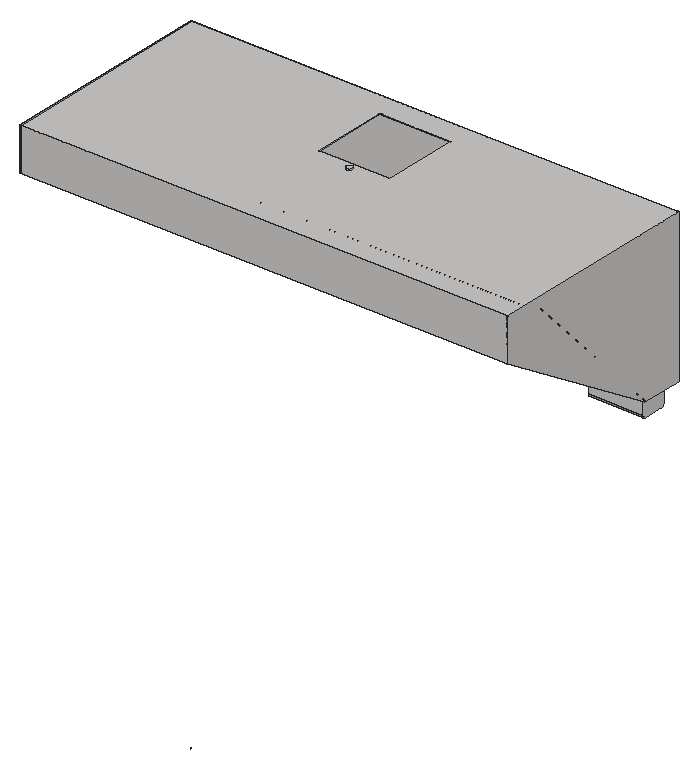
Revit family "QF_ELECTROLUXPROFESSIONAL_644200_AMPV716DT", category Attrezzature speciali, Revit 2021
Family settings
  Quota connettore circolare = Usa diametro
  Tipo di parte = Normale
  Basato su piano di lavoro = No
  Sempre verticale = Sì
  Taglio con vuoti quando caricato = No
  Condiviso = No
  Punto di calcolo locali = No
Parameters (values of type "Standard")
  Weight = 43.00 kg
  Watts = 300 W
  Volts = 220 V
  URL Manufacturer = "https://www.electroluxprofessional.com/"
  URL = "https://www.electroluxprofessional.com/"
  Steam Supply Size = 0 mm
  Steam Supply Minimum Pressure = 0.0 Pa
  Steam Supply Maximum Pressure = 0.0 Pa
  Steam Consumption per Hour = 0
  Refrigeration Suction Line Size = 0 mm
  Refrigeration Liquid Line Size = 0 mm
  Refrigerant Compressor Remote = yes
  Prospetto di default = 0 mm
  Produttore = "Electrolux Professional"
  Phase = 1
  Modello = "AMPV716DT"
  Length Actual = 1600 mm  # constant formula
  Item Number = "644200"
  Hot Water Size = 0 mm
  Height Actual = 500 mm  # constant formula
  HP = "0.4 HP"
  Gas Size = 0 mm
  Gas KW = 0
  Gas Input Pressure = 0 W
  Direct Waste Size = 0 mm
  Descrizione = "304 S/S WALL HOOD+FILTERS+FAN 1600X700MM"
  Depth Actual = 700 mm  # constant formula
  Cycle = 50 Hz
  Condensate Return Size = 0 mm
  Compressed Air Volume = 0.0 L/s
  Compressed Air Size = 0 mm
  Compressed Air Pressure = 0.0 Pa
  Cold Water Size = 0 mm
  Accessory = yes
Reference planes
  plane 1: z = 0
  plane 2 "Center (Left/Right)": x = 150
  plane 3 "LEFT": x = -650
  plane 4 "RIGHT": x = 950
  plane 5 "BACK": y = 550
  plane 6 "Plane": z = 2000
  plane 7 "TOP": z = 2140
  plane 8 "Base": z = 1640
  plane 9: z = 1566
  plane 10 "DrainY": y = 485
  plane 11: x = -647
  plane 12: through (0, 414.509, 1640.8) normal (0, 0.7314, 0.682)
  plane 13: y = 470
  plane 14: y = 220
  plane 15 "DrainX": x = 830
  plane 16: x = 33.5
  plane 17: x = 266.5
  plane 18: x = 947
  plane 19: x = 740
  plane 20: x = 920
  plane 21: x = -450
  plane 22: x = 750
  plane 23: x = -47.5
  plane 24: x = 347.5
  plane 25 "FRONT": y = -150
  plane 26 "Center (Front/Back)": y = 200
Forms (mm)
  Extrusion 1, solid, material "QF_Finishes_Stainless Steel"
    sketch origin (-650, 0, 0) x (0, 1, 0) y (0, 0, 1)
      loop
        line (550, 1640) -> (550, 2140) -> (-150, 2140) -> (-150, 1998.603) -> (413.973, 1640) -> (550, 1640)
    from 0 to 3
  Extrusion 2, solid, material "QF_Finishes_Stainless Steel"
    sketch origin (150, 0, 0) x (0, 1, 0) y (0, 0, 1)
      loop
        line (415.255, 1640) -> (550, 1640) -> (550, 2139.19) -> (549.2, 2139.19) -> (549.2, 1640.8) -> (415.876, 1640.8) -> (339.347, 1722.867) -> (349.609, 1732.436) -> (348.927, 1733.167) -> (337.934, 1722.917) -> (415.255, 1640)
      loop
        line (-82.203, 2139.19) -> (-82.203, 2118.6) -> (-31.047, 2118.6) -> (34.354, 2048.466) -> (46.028, 2059.352) -> (45.346, 2060.083) -> (34.403, 2049.879) -> (-30.612, 2119.6) -> (-81.203, 2119.6) -> (-81.203, 2139.19) -> (-82.203, 2139.19)
    from -797 to 797
  Extrusion 3, solid, material "QF_Finishes_Stainless Steel"
    sketch origin (950, 0, 0) x (0, 1, 0) y (0, 0, 1)
      loop
        line (550, 1640) -> (550, 2140) -> (-150, 2140) -> (-150, 1998.603) -> (413.973, 1640) -> (550, 1640)
    from 0 to -3
  Extrusion 4, solid, material "QF_Finishes_Stainless Steel"
    sketch origin (150, 0, 0) x (0, 1, 0) y (0, 0, 1)
      loop
        line (-150, 2140) -> (-150, 2000) -> (-149.2, 2000) -> (-149.2, 2139.19) -> (550, 2139.19) -> (550, 2140) -> (-150, 2140)
    from -800 to 800
  Extrusion 5, solid, material "QF_Finishes_Stainless Steel"
    sketch origin (150, 0, 0) x (0, 1, 0) y (0, 0, 1)
      loop
        line (534, 1640) -> (436, 1640) -> (436, 1627) -> (443.5, 1627) -> (443.5, 1576)
        arc (443.5, 1576) -> (446.429, 1568.929) -> (453.5, 1566) r 10
        line (453.5, 1566) -> (516.5, 1566)
        arc (516.5, 1566) -> (523.571, 1568.929) -> (526.5, 1576) r 10
        line (526.5, 1576) -> (526.5, 1627) -> (534, 1627) -> (534, 1640)
    from 590 to 770
  Extrusion 6, solid, material "QF_Finishes_Stainless Steel"
    sketch origin (0, 0, 1640) x (0, 1, 0) y (-1, 0, 0)
      loop
        circle (485, -830) r 20
    from -76 to -74
  Extrusion 7, solid, material "QF_Finished_Chrome"
    sketch origin (150, 0, 0) x (0, 1, 0) y (0, 0, 1)
      loop
        line (337.934, 1722.917) -> (341.591, 1726.327) -> (38.011, 2051.876) -> (34.354, 2048.466) -> (337.934, 1722.917)
    from -197.5 to -600
  Extrusion 8, solid, material "QF_Finishes_Stainless Steel"
    sketch origin (150, 0, 0) x (0, 1, 0) y (0, 0, 1)
      loop
        line (337.934, 1722.917) -> (341.591, 1726.327) -> (38.011, 2051.876) -> (34.354, 2048.466) -> (337.934, 1722.917)
    from 797 to 600
  Extrusion 9, solid, material "QF_Finished_Chrome"
    sketch origin (150, 0, 0) x (0, 1, 0) y (0, 0, 1)
      loop
        line (341.588, 1726.324) -> (38.009, 2051.874) -> (34.354, 2048.466) -> (337.934, 1722.917) -> (341.588, 1726.324)
    from 197.5 to 600
  Extrusion 10, void
    sketch origin (0, 0, 2140) x (0, 1, 0) y (-1, 0, 0)
      loop
        line (470, -266.5) -> (470, -33.5) -> (220, -33.5) -> (220, -266.5) -> (470, -266.5)
    from 0 to -10
  Extrusion 11, solid, material "QF_Finishes_Stainless Steel"
    sketch origin (0, 0, 0) x (1, 0, 0) y (0, 1, 0)
      loop
        line (-650, 550) -> (-650, 549) -> (-649, 549) -> (-649, 550) -> (-650, 550)
    from 0 to 1
  Extrusion 12, solid, material "QF_Finishes_Stainless Steel"
    sketch origin (150, 0, 0) x (0, 1, 0) y (0, 0, 1)
      loop
        line (337.934, 1722.917) -> (341.591, 1726.327) -> (38.011, 2051.876) -> (34.354, 2048.466) -> (337.934, 1722.917)
    from -600 to -797
  Extrusion 13, solid, material "QF_Finishes_Stainless Steel"
    sketch origin (150, 0, 0) x (0, 1, 0) y (0, 0, 1)
      loop
        line (337.934, 1722.917) -> (341.591, 1726.327) -> (38.011, 2051.876) -> (34.354, 2048.466) -> (337.934, 1722.917)
    from 197.5 to -197.5
  Extrusion 14, solid, material "QF_Finishes_Stainless Steel"
    sketch origin (0, 0, 2140) x (0, 1, 0) y (-1, 0, 0)
      loop
        circle (200, -150) r 10
    from 0 to 2
Cuts and joins
  Extrusion 10 cuts Extrusion 4
  joined: Extrusion 2, Extrusion 4
Lines and regions (mm)
  reference lines
    curve 1: line (150, 34.354, 2048.466) -> (150, 34.354, 1888.466)
  symbolic lines, style "SpecialityEquipment", detail levels coarse
    curve 2: line (950, 550, 2140) -> (-650, 550, 2140)
    curve 3: line (-650, 550, 2140) -> (-650, -150, 2140)
    curve 4: line (950, -150, 2140) -> (950, 550, 2140)
    curve 5: line (-650, -150, 2140) -> (950, -150, 2140)
    curve 6: line (266.5, 220, 2140) -> (33.5, 220, 2140)
    curve 7: line (266.5, 470, 2140) -> (266.5, 220, 2140)
    curve 8: line (33.5, 470, 2140) -> (266.5, 470, 2140)
    curve 9: line (33.5, 220, 2140) -> (33.5, 470, 2140)
    curve 10: line (-650, -150, 2140) -> (950, 550, 2140)
    curve 11: line (-650, 550, 2140) -> (950, -150, 2140)
Dimensions and locks
  plane 3 "LEFT" to plane 4 "RIGHT" = 1600 mm
  equal spacing: plane 3 "LEFT", plane 2 "Center (Left/Right)", plane 4 "RIGHT"
  locked: plane 6 "Plane" to level at 2000
  plane 7 "TOP" to plane 6 "Plane" = 140 mm
  locked: plane 7 "TOP" to plane 8 "Base" at 500
  plane 8 "Base" to plane 9 = 74 mm
  plane 5 "BACK" to plane 10 "DrainY" = 65 mm  (x2)
  plane 3 "LEFT" to plane 11 = 3 mm
  plane 5 "BACK" to plane 13 = 80 mm
  plane 13 to plane 14 = 250 mm  (x2)
  plane 15 "DrainX" to plane 4 "RIGHT" = 120 mm
  plane 18 to plane 4 "RIGHT" = 3 mm
  locked: plane 19 to plane 15 "DrainX" at 90
  locked: plane 15 "DrainX" to plane 20 at 90
  plane 13 to plane 5 "BACK" = 80 mm
  plane 3 "LEFT" to plane 21 = 200 mm
  plane 22 to plane 4 "RIGHT" = 200 mm
  locked: plane 23 to plane 24 at 395
  equal spacing: plane 23, plane 2 "Center (Left/Right)", plane 24
  locked: plane 16 to plane 17 at 233
  equal spacing: plane 16, plane 2 "Center (Left/Right)", plane 17
  locked: plane 5 "BACK" to plane 25 "FRONT" at 700
  equal spacing: plane 5 "BACK", plane 26 "Center (Front/Back)", plane 25 "FRONT"
  plane 5 "BACK" to plane 25 "FRONT" = 700 mm
  aligned and locked: level to plane 1
  aligned and locked: Extrusion 2 to Extrusion 1
  aligned and locked: Extrusion 2 to Extrusion 3
  aligned and locked: plane 4 "RIGHT" to Extrusion 4
  aligned and locked: Extrusion 4 to plane 3 "LEFT"
  aligned and locked: plane 18 to Extrusion 8
  aligned and locked: Extrusion 10 to plane 16
  aligned and locked: Extrusion 10 to plane 14
  aligned and locked: Extrusion 10 to plane 13
  aligned and locked: Extrusion 2 to Extrusion 4
  aligned and locked: plane 20 to Extrusion 5
  aligned and locked: Extrusion 5 to plane 19
  aligned and locked: Extrusion 8 to plane 22
  aligned and locked: Extrusion 9 to plane 22
  aligned and locked: Extrusion 7 to plane 21
  aligned and locked: Extrusion 12 to plane 11
  aligned and locked: plane 21 to Extrusion 12
  aligned and locked: Extrusion 3 to plane 18
  aligned and locked: Extrusion 10 to plane 17
  aligned and locked: plane 17 to curve 7
  aligned and locked: plane 24 to Extrusion 13
  aligned and locked: Extrusion 13 to plane 23
  aligned and locked: Extrusion 9 to plane 24
Automatic sketch dimensions
  Extrusion 1 sketch curve to plane 8 "Base" = 0 mm
  Extrusion 1 sketch curve to plane 5 "BACK" = 0 mm
  Extrusion 1 sketch curve to plane 7 "TOP" = 0 mm
  plane 13 to Extrusion 1 sketch curve = 56.027 mm
  Extrusion 1 sketch curve to plane 6 "Plane" = 1.397 mm
  Extrusion 2 sketch curve to plane 12 = 0 mm  (x3)
  Extrusion 2 sketch curve to plane 8 "Base" = 0 mm
  plane 12 to Extrusion 2 sketch curve = 0 mm
  Extrusion 2 sketch curve to plane 5 "BACK" = 0 mm
  Extrusion 2 sketch curve to Extrusion 2 sketch curve = 65.646 mm
  Extrusion 2 sketch curve to Extrusion 2 sketch curve = 0.682 mm  (x2)
  Extrusion 2 sketch curve to Extrusion 2 sketch curve = 10.261 mm
  plane 8 "Base" to Extrusion 2 sketch curve = 82.917 mm
  Extrusion 2 sketch curve to Extrusion 2 sketch curve = 10.942 mm
  Extrusion 2 sketch curve to Extrusion 2 sketch curve = 0.049 mm
  Extrusion 2 sketch curve to plane 7 "TOP" = 20.4 mm
  Extrusion 2 sketch curve to plane 7 "TOP" = 21.4 mm
  Extrusion 2 sketch curve to plane 7 "TOP" = 0.81 mm  (x2)
  Extrusion 2 sketch curve to Extrusion 2 sketch curve = 50.156 mm
  Extrusion 2 sketch curve to Extrusion 2 sketch curve = 1 mm
  plane 8 "Base" to Extrusion 2 sketch curve = 0.8 mm
  Extrusion 2 sketch curve to plane 5 "BACK" = 0.8 mm
  Extrusion 4 sketch curve to plane 6 "Plane" = 0 mm
  Extrusion 4 sketch curve to plane 5 "BACK" = 0 mm
  Extrusion 4 sketch curve to plane 7 "TOP" = 0 mm
  Extrusion 4 sketch curve to plane 7 "TOP" = 0.81 mm
  curve 1 to plane 12 = 0 mm
  curve 1 to plane 6 "Plane" = 111.534 mm
  Extrusion 5 sketch curve to plane 8 "Base" = 0 mm
  Extrusion 5 sketch curve to plane 9 = 0 mm
  Extrusion 5 sketch curve to plane 8 "Base" = 13 mm  (x2)
  plane 13 to Extrusion 5 sketch curve = 34 mm
  Extrusion 5 sketch curve to Extrusion 5 sketch curve = 7.5 mm  (x2)
  Extrusion 5 sketch curve to Extrusion 5 sketch curve = 10 mm
  plane 10 "DrainY" to Extrusion 5 sketch curve = 31.5 mm
  Extrusion 5 sketch curve to plane 5 "BACK" = 23.5 mm
  Extrusion 6 sketch curve to plane 10 "DrainY" = 0 mm
  Extrusion 6 sketch curve to plane 15 "DrainX" = 0 mm
  Extrusion 7 sketch curve to plane 12 = 0 mm  (x2)
  Extrusion 7 sketch curve to Extrusion 7 sketch curve = 3.657 mm
  plane 8 "Base" to Extrusion 7 sketch curve = 82.917 mm
  Extrusion 8 sketch curve to plane 12 = 0 mm  (x2)
  Extrusion 8 sketch curve to Extrusion 8 sketch curve = 3.657 mm
  plane 8 "Base" to Extrusion 8 sketch curve = 82.917 mm
  Extrusion 9 sketch curve to plane 12 = 0 mm  (x2)
  Extrusion 9 sketch curve to Extrusion 9 sketch curve = 3.655 mm
  plane 8 "Base" to Extrusion 9 sketch curve = 82.917 mm
  Extrusion 10 sketch curve to plane 14 = 0 mm
  plane 13 to Extrusion 10 sketch curve = 0 mm
  Extrusion 10 sketch curve to plane 17 = 0 mm
  Extrusion 10 sketch curve to plane 16 = 0 mm
  Extrusion 11 sketch curve to plane 3 "LEFT" = 0 mm
  Extrusion 11 sketch curve to plane 5 "BACK" = 0 mm
  plane 3 "LEFT" to Extrusion 11 sketch curve = 1 mm
  Extrusion 11 sketch curve to Extrusion 11 sketch curve = 1 mm
  Extrusion 12 sketch curve to plane 12 = 0 mm  (x2)
  Extrusion 12 sketch curve to Extrusion 12 sketch curve = 3.657 mm
  plane 8 "Base" to Extrusion 12 sketch curve = 82.917 mm
  Extrusion 13 sketch curve to plane 12 = 0 mm  (x2)
  Extrusion 13 sketch curve to Extrusion 13 sketch curve = 3.657 mm
  plane 8 "Base" to Extrusion 13 sketch curve = 82.917 mm
  Extrusion 4 sketch curve to Extrusion 4 sketch curve = 0.8 mm
  Extrusion 1 sketch curve to plane 14 = 370 mm
  plane 6 "Plane" to Extrusion 2 sketch curve = 48.466 mm
  Extrusion 4 sketch curve to plane 14 = 369.2 mm
  curve 1 to plane 14 = 185.646 mm
  plane 6 "Plane" to Extrusion 7 sketch curve = 51.876 mm
  plane 6 "Plane" to Extrusion 8 sketch curve = 51.876 mm
  plane 6 "Plane" to Extrusion 9 sketch curve = 51.874 mm
  plane 6 "Plane" to Extrusion 12 sketch curve = 51.876 mm
  plane 6 "Plane" to Extrusion 13 sketch curve = 51.876 mm
  Extrusion 3 sketch curve to plane 7 "TOP" = 0 mm
  Extrusion 3 sketch curve to plane 8 "Base" = 0 mm
  Extrusion 3 sketch curve to plane 5 "BACK" = 0 mm
  Extrusion 3 sketch curve to plane 25 "FRONT" = 0 mm
  plane 13 to Extrusion 3 sketch curve = 56.027 mm
  Extrusion 3 sketch curve to plane 6 "Plane" = 1.397 mm
  Extrusion 14 sketch curve to plane 2 "Center (Left/Right)" = 0 mm
  Extrusion 14 sketch curve to plane 26 "Center (Front/Back)" = 0 mm
  curve 11 to plane 4 "RIGHT" = 0 mm
  curve 10 to plane 3 "LEFT" = 0 mm
  curve 10 to plane 25 "FRONT" = 0 mm
  curve 7 to plane 14 = 0 mm
  plane 13 to curve 7 = 0 mm
  curve 3 to plane 5 "BACK" = 0 mm
  curve 6 to plane 16 = 0 mm
  radius of Extrusion 6 sketch curve = 20 mm
  radius of Extrusion 14 sketch curve = 10 mm
Connectors
  piping at (830, 485, 1564), diameter 20
    settings: on Extrusion 6, index 1, connector inside diameter 609.6 mm, connector length 0 mm, flow factor 0, pipe flow 0.0 L/s, pressure drop 0.0 Pa, fitting loss kfactor 0, connector angle 0.00°, fixture units 0, engagement length 0 mm, angle of deflection 0.00°, flow configuration 1, flow direction 2, fitting loss method 0, system type 16, joint type 0, gender type 0, connector reference index -1, connector utility 0, adjustable connector no, is connector primary yes, connector description "Drain"
  hvac at (150, 345, 2140)
    settings: on Extrusion 10, index 2, duct flow 0.0 L/s, flow factor 0, pres drop 0.0 Pa, loss coef 0, conn angle 0.00°, conn width 250 mm, conn height 233 mm, conn diameter 609.6 mm, duct sys type 3, conn prof type 1, flow config 1, flow direction 2, loss method 0, conn ref index -1, conn util no, is conn primary yes, conn desc "EXHAUST OUTLET"
  electrical at (150, 200, 2142), driven by "Volts"
    settings: on Extrusion 14, index 3, voltage 220 V, apparent load 0 VA, apparent load phase1 0 VA, apparent load phase2 0 VA, apparent load phase3 0 VA, power factor 1, load classification "Other", number of poles 1, system type 31, power factor state 1, is connector primary yes, connector utility no, sub classification motor no, connector description "Electrical Connection"
